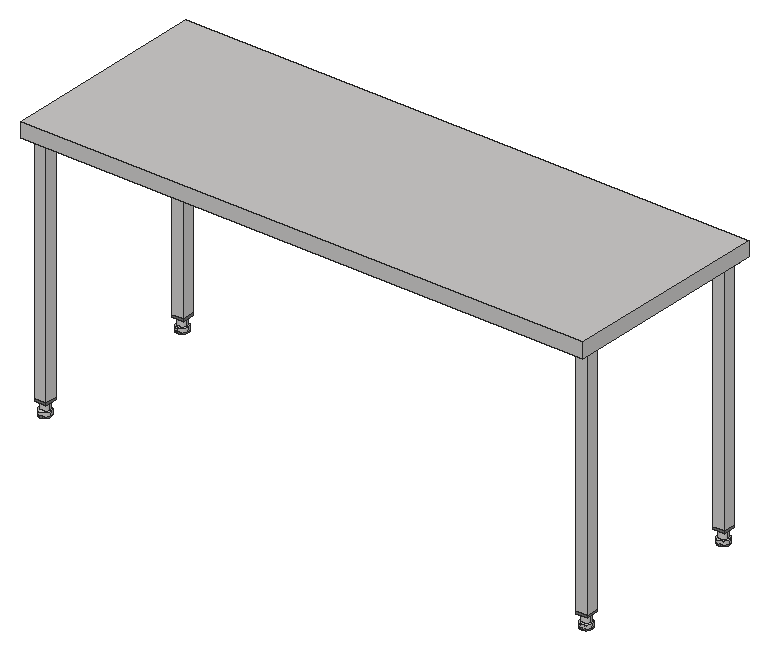
Revit family "QF_ZANUSSI_133223_TG1900N", category Attrezzature speciali, Revit 2020
Family settings
  Quota connettore circolare = Usa diametro
  Tipo di parte = Normale
  Basato su piano di lavoro = No
  Sempre verticale = Sì
  Taglio con vuoti quando caricato = No
  Condiviso = No
  Punto di calcolo locali = No
Parameters (values of type "Standard")
  Weight = 56.00 kg
  Watts = 0 W
  Volts = 0 V
  URL Manufacturer = "http://www.zanussiprofessional.com"
  URL = "http://www.zanussiprofessional.com"
  Steam Supply Size = 0 mm
  Steam Supply Minimum Pressure = 0.0 Pa
  Steam Supply Maximum Pressure = 0.0 Pa
  Steam Consumption per Hour = 0
  Refrigeration Suction Line Size = 0.0 mm
  Refrigeration Liquid Line Size = 0.0 mm
  Refrigerant Compressor Remote = yes
  Prospetto di default = 0.0 mm
  Produttore = "Zanussi"
  Phase = 0
  Modello = "TG1900N"
  Length Actual = 1900.0 mm  # constant formula
  Item Number = "133223"
  Hot Water Size = 0 mm
  Height Actual = 900.0 mm  # constant formula
  HP = "0 HP"
  Gas Size = 0 mm
  Gas KW = 0
  Gas Input Pressure = 0 W
  Direct Waste Size = 0 mm
  Descrizione = "WORK TABLE 1900 MM"
  Depth Actual = 700.0 mm  # constant formula
  Cycle = 0 Hz
  Condensate Return Size = 0 mm
  Compressed Air Volume = 0.0 L/s
  Compressed Air Size = 0 mm
  Compressed Air Pressure = 0.0 Pa
  Cold Water Size = 0 mm
  Accessory = yes
Reference planes
  plane 1 "Center (Front/Back)": y = 0
  plane 2: z = 0
  plane 3 "Center (Left/Right)": x = -450
  plane 4 "LEFT": x = -1400
  plane 5 "RIGHT": x = 500
  plane 6 "BACK": y = 350
  plane 7 "FRONT": y = -350
  plane 8 "Base": z = 850
  plane 9 "TOP": z = 900
  plane 10: x = -1364.5
  plane 11: x = 464.5
  plane 12: y = 290
  plane 13: y = -290
Forms (mm)
  Extrusion 1, solid, material "QF_Finishes_Stainless Steel"
    sketch origin (-450, 0, 0) x (0, 1, 0) y (0, 0, 1)
      loop
        line (-350, 850) -> (350, 850) -> (350, 900) -> (-350, 900) -> (-350, 850)
    from 950 to -950
Lines and regions (mm)
  symbolic lines
    curve 1: line (500, 350, 900) -> (-1400, 350, 900)
    curve 2: line (-1400, 350, 900) -> (-1400, -350, 900)
    curve 3: line (-1400, -350, 900) -> (500, -350, 900)
    curve 4: line (500, -350, 900) -> (500, 350, 900)
Dimensions and locks
  plane 4 "LEFT" to plane 5 "RIGHT" = 1900.0 mm
  equal spacing: plane 4 "LEFT", plane 3 "Center (Left/Right)", plane 5 "RIGHT"
  plane 4 "LEFT" to plane 10 = 35.5 mm
  plane 11 to plane 5 "RIGHT" = 35.5 mm
  plane 10 to plane 11 = 1829.0 mm
  locked: plane 9 "TOP" to level at 900
  plane 6 "BACK" to plane 12 = 60.0 mm
  plane 13 to plane 7 "FRONT" = 60.0 mm
  plane 6 "BACK" to plane 7 "FRONT" = 700.0 mm
  plane 12 to plane 13 = 580.0 mm
  equal spacing: plane 6 "BACK", plane 1 "Center (Front/Back)", plane 7 "FRONT"
  locked: plane 8 "Base" to level at 850
  aligned and locked: level to plane 2
  aligned and locked: plane 10 to nested 1
  aligned and locked: nested 1 to plane 13
  aligned and locked: plane 11 to nested 2
  aligned and locked: nested 2 to plane 13
  aligned and locked: plane 11 to nested 4
  aligned and locked: nested 4 to plane 12
  aligned and locked: plane 10 to nested 3
  aligned and locked: nested 3 to plane 12
  aligned and locked: Extrusion 1 to plane 4 "LEFT"
  aligned and locked: plane 5 "RIGHT" to Extrusion 1
  aligned and locked: curve 2 to plane 4 "LEFT"
Automatic sketch dimensions
  Extrusion 1 sketch curve to plane 7 "FRONT" = 0.0 mm
  Extrusion 1 sketch curve to plane 8 "Base" = 0.0 mm
  curve 3 to plane 7 "FRONT" = 0.0 mm
  curve 4 to plane 6 "BACK" = 0.0 mm
  Extrusion 1 sketch curve to plane 9 "TOP" = 0.0 mm
  Extrusion 1 sketch curve to plane 6 "BACK" = 0.0 mm
  curve 4 to plane 5 "RIGHT" = 0.0 mm
Nested families
  nested 1: "FEET_40x40_APP42" at (-1364.5, -290, 0), type "FEET_40x40_APP42"
  nested 2: "FEET_40x40_APP42" at (464.5, -290, 0), type "FEET_40x40_APP42"
  nested 3: "FEET_40x40_APP42" at (-1364.5, 290, 0), type "FEET_40x40_APP42"
  nested 4: "FEET_40x40_APP42" at (464.5, 290, 0), type "FEET_40x40_APP42"
Definition of nested family "FEET_40x40_APP42"
  Parameters
    Default Elevation = 0.0 mm
    FEET = 850.0 mm
  Reference planes
    plane 1 "Center (Front/Back)": y = 0
    plane 2: z = 0
    plane 3 "Center (Left/Right)": x = 0
    plane 4: z = 850
  Forms (mm)
    Extrusion 1, solid
      sketch origin (0, 0, 0) x (1, 0, 0) y (0, 1, 0)
        loop
          line (-20, -20) -> (20, -20) -> (20, 20) -> (-20, 20) -> (-20, -20)
      from 50 to 845
    Extrusion 2, solid
      sketch origin (0, 0, 0) x (1, 0, 0) y (0, 1, 0)
        loop
          circle (0, 0) r 20
      from 0 to 5
    Extrusion 3, solid
      sketch origin (0, 0, 0) x (1, 0, 0) y (0, 1, 0)
        loop
          line (30, 30) -> (-30, 30) -> (-30, -30) -> (30, -30) -> (30, 30)
      from 845 to 850
    Extrusion 4, solid
      sketch origin (0, 0, 0) x (1, 0, 0) y (0, 1, 0)
        loop
          line (-20, -20) -> (20, -20) -> (20, 20) -> (-20, 20) -> (-20, -20)
      from 50 to 42
    Revolve 5, solid
      sketch origin (0, 0, 0) x (1, 0, 0) y (0, 0, 1)
        loop
          line (0, 42) -> (-15, 42) -> (-15, 20) -> (-20, 15) -> (-20, 5) -> (0, 5) -> (0, 42)
        axis (0, 42) -> (0, 5)
      angle from 0 to 360
  Lines and regions (mm)
    symbolic lines
      curve 1: line (0, -1.503, 0) -> (0, 1.508, 0)
      curve 2: line (1.561, 0, 0) -> (-1.439, 0, 0)
  Dimensions and locks
    "FEET": plane 4 to plane 2
    aligned and locked: level to plane 2
  Automatic sketch dimensions
    plane 1 "Center (Front/Back)" to curve 2 = 0.0 mm
    curve 1 to plane 3 "Center (Left/Right)" = 0.0 mm
    curve 2 to plane 3 "Center (Left/Right)" = 1.439 mm
    plane 3 "Center (Left/Right)" to curve 2 = 1.561 mm
    plane 1 "Center (Front/Back)" to curve 1 = 1.503 mm
    curve 1 to plane 1 "Center (Front/Back)" = 1.508 mm
    Extrusion 1 sketch curve to plane 3 "Center (Left/Right)" = 20.0 mm
    plane 3 "Center (Left/Right)" to Extrusion 1 sketch curve = 20.0 mm
    plane 1 "Center (Front/Back)" to Extrusion 1 sketch curve = 20.0 mm
    Extrusion 1 sketch curve to plane 1 "Center (Front/Back)" = 20.0 mm
    plane 1 "Center (Front/Back)" to Extrusion 2 sketch curve = 0.0 mm
    Extrusion 2 sketch curve to plane 3 "Center (Left/Right)" = 0.0 mm
    Extrusion 3 sketch curve to plane 3 "Center (Left/Right)" = 30.0 mm
    plane 3 "Center (Left/Right)" to Extrusion 3 sketch curve = 30.0 mm
    plane 1 "Center (Front/Back)" to Extrusion 3 sketch curve = 30.0 mm
    Extrusion 3 sketch curve to plane 1 "Center (Front/Back)" = 30.0 mm
    Extrusion 4 sketch curve to plane 3 "Center (Left/Right)" = 20.0 mm
    plane 3 "Center (Left/Right)" to Extrusion 4 sketch curve = 20.0 mm
    plane 1 "Center (Front/Back)" to Extrusion 4 sketch curve = 20.0 mm
    Extrusion 4 sketch curve to plane 1 "Center (Front/Back)" = 20.0 mm
    Revolve 5 sketch curve to plane 3 "Center (Left/Right)" = 0.0 mm  (x2)
    Revolve 5 sketch curve to plane 3 "Center (Left/Right)" = 15.0 mm
    Revolve 5 sketch curve to Revolve 5 sketch curve = 5.0 mm  (x3)
    level to Revolve 5 sketch curve = 5.0 mm
    Revolve 5 sketch curve to Revolve 5 sketch curve = 10.0 mm
    Revolve 5 sketch curve to Revolve 5 sketch curve = 22.0 mm
    Revolve 5 sketch curve to level = 9.561 mm
    radius of Extrusion 2 sketch curve = 20.0 mm
